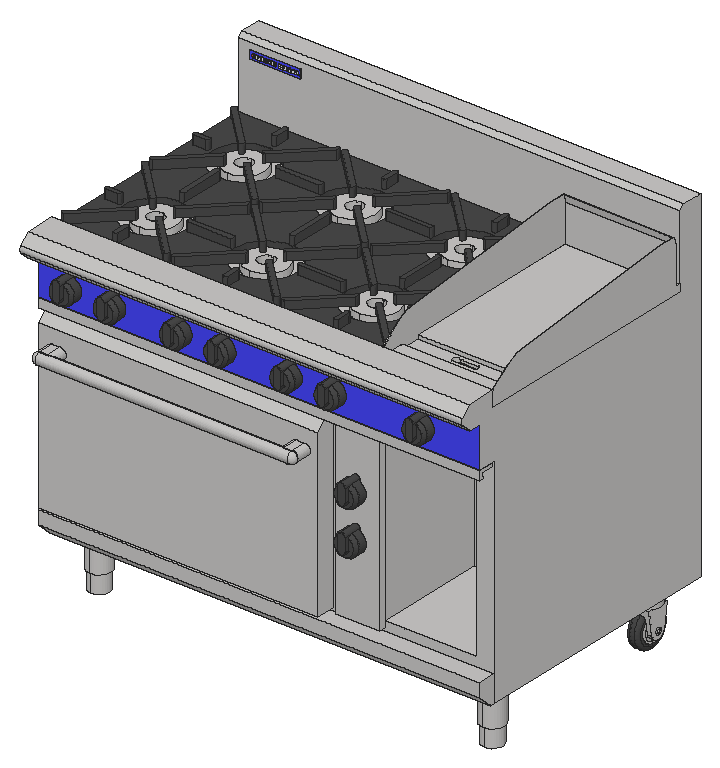
Revit family "QF_MOFFAT_BLUESEAL_CE_GE508C", category Specialty Equipment, Revit 2012
Parameters
  Width = 1200 mm
  Weight in Pounds = 485
  Watts = 6500 W
  Volts = 400 V
  URL Cutsheet = "www.moffat.com"
  URL = "www.moffat.com"
  Type Mark [instance] = ""
  Status [instance] = ""
  Specification by User [instance] = ""
  Specification by Manufacturer = ""
  Show Logo [instance] = yes
  Show Clearance [instance] = yes
  Show Casters [instance] = yes
  Serial Number = ""
  Seismic Rating = ""
  SMACNA No = ""
  Revision Code [instance] = ""
  Phase = 3
  Omniclass Number and Title = ""
  Number of Poles [instance] = 1
  NAFEM Spec ID Number = ""
  Model = "GE508C"
  Min Ckt Ampacity = 0 A
  Mechanical Remarks = ""
  Mechanical Connection Type [instance] = ""
  Max Overcurrent Protection = 0 A
  Masterspec = ""
  Manufacturer = "MOFFAT BLUESEAL"
  Legs [instance] = not(Show Casters)  # no
  Item Number [instance] = ""
  Installed By [instance] = ""
  Identify Quantity as Lot [instance] = yes
  Height = 970 mm
  HP = ""
  Gas Size = 3/4"
  Gas RI Height [instance] = 0 mm
  Gas KW [instance] = 52.2
  Gas Input [instance] = 178189.0 Btu/h
  Gas Connection Height = 0 mm
  Furnished By [instance] = ""
  Foodservice Equipment Identifier [instance] = yes
  FL Amps = 9.4 A
  Electrical Remarks = "9.4A PER PHASE"
  Electric Connection Type = ""
  Elec Conn RI Height = 0 mm
  Elec Conn Connection Height = 0 mm
  Description = "1200MM GAS RANGE WITH ELECTRIC STATIC OVEN"
  Depth = 812 mm
  Cycle = 50 Hz
  Conn Plug = ""
  Conn Conduit = yes
  CSI MasterFormat = ""
  CSI Master Format = ""
  Body Finish = QF_Finishes_Stainless Steel
  Apparent Power = 0 VA
Reference planes
  plane 1 "BACK": y = 0
  plane 2: z = 0
  plane 3 "LEFT": x = 0
  plane 4 "RIGHT": x = 1200
  plane 5 "FRONT": y = -812
  plane 6 "TOP": z = 970
  plane 7 "Center Y": x = 600
  plane 8 "Center X": y = -406
  plane 9: x = 280
  plane 10: y = -574.272
  plane 11: x = 60
  plane 12: y = -304.972
  plane 13: y = -364.972
  plane 14: x = 74
  plane 15: y = -812
  plane 16: x = 1134.5
  plane 17: y = -32
  plane 18: z = 655
  plane 19: x = 65.5
  plane 20: x = 65.8
  plane 21: z = 1085
  plane 22: y = -705
Forms (mm)
  Extrusion 1, solid, material "QF_Finishes_Stainless Steel" <- "Body Finish"
    sketch origin (0, 0, 0) x (0, 1, 0) y (0, 0, 1)
      loop
        line (0, 150) -> (0, 1085) -> (-57.5, 1085) -> (-70, 1072.5) -> (-70, 875) -> (-705, 875) -> (-705, 915) -> (-783.97, 915) -> (-808.49, 890.48)
        arc (-808.49, 890.48) -> (-812.002, 882) -> (-808.49, 873.52) r 11.993
        line (-808.49, 873.52) -> (-784.97, 850) -> (-749, 850) -> (-749, 740) -> (-699, 740) -> (-699, 150) -> (0, 150)
      loop
        line (-749, 222.5) -> (-749, 186) -> (-713, 150) -> (-703.2, 150) -> (-703.2, 222.5) -> (-749, 222.5)
      loop
        line (-749, 713.781) -> (-740.224, 713.781) -> (-742.613, 730.781) -> (-707.93, 730.781) -> (-707.93, 737.784) -> (-749, 737.784) -> (-749, 713.781)
    from 0 to 1200
  Extrusion 2, solid, material "QF_Finishes_Stainless Steel"
    sketch origin (0, 7, 0) x (0, 1, 0) y (0, 0, 1)
      loop
        line (-706, 700) -> (-732, 700) -> (-756, 676) -> (-756, 227.5) -> (-706, 227.5) -> (-706, 700)
    from 0 to 760
  Extrusion 3, solid, material "QF_Finishes_Stainless Steel"
    sketch origin (723.5, 7, 0) x (0, 1, 0) y (0, 0, 1)
      loop
        line (-706, 700) -> (-721, 700) -> (-721, 227.5) -> (-706, 227.5) -> (-706, 700)
    from 56.898 to 176.5
  Revolve 4, solid, material "QF_Finishes_Stainless Steel" <- "Body Finish"
    sketch origin (1134.5, -696.126, 0) x (0, 1, 0) y (0, 0, -1)
      loop
        line (39.376, -150) -> (71.126, -150) -> (71.126, 0) -> (43.626, 0) -> (43.626, -50) -> (39.376, -50) -> (39.376, -150)
      axis (71.126, -150) -> (71.126, 0)
    angle from 0 to 360
  Revolve 5, solid, material "QF_Finishes_Stainless Steel" <- "Body Finish"
    sketch origin (65.5, -696.126, 0) x (0, 1, 0) y (0, 0, 1)
      loop
        line (39.376, 150) -> (39.376, 50) -> (43.626, 50) -> (43.626, 0) -> (71.126, 0) -> (71.126, 150) -> (39.376, 150)
      axis (71.126, 150) -> (71.126, 0)
    angle from 0 to 360
  Extrusion 6, solid, material "QF_Finishes_Stainless Steel"
    sketch origin (-64.5, 0, 325) x (1, 0, 0) y (0, 1, 0)
      loop
        circle (1134.5, -32) r 10
    from 330 to 374.856
  Extrusion 7, void
    sketch origin (0, -699, 150) x (0, 0, -1) y (-1, 0, 0)
      loop
        line (-529.781, -900) -> (-529.781, -1150) -> (-96, -1150) -> (-96, -900) -> (-529.781, -900)
    from 0 to 304.8
  Extrusion 8, solid, material "QF_Finishes_Black"
    sketch origin (0, -70, 875) x (0, -1, 0) y (1, 0, 0)
      loop
        arc (1, 4) -> (1.879, 1.879) -> (4, 1) r 3
        line (4, 1) -> (632, 1)
        arc (632, 1) -> (634.121, 1.879) -> (635, 4) r 3
        line (635, 4) -> (635, 897)
        arc (635, 897) -> (634.121, 899.121) -> (632, 900) r 3
        line (632, 900) -> (4, 900)
        arc (4, 900) -> (1.879, 899.121) -> (1, 897) r 3
        line (1, 897) -> (1, 4)
      loop
        circle (167.5, 150) r 85
      loop
        circle (167.5, 450) r 85
      loop
        circle (467.768, 150) r 85
      loop
        circle (467.768, 450) r 85
      loop
        circle (167.5, 750) r 85
      loop
        circle (467.768, 750) r 85
    from 0 to 19.5
  Extrusion 9, solid, material "QF_Finishes_Black"
    sketch origin (0, -70, 894.5) x (0, -1, 0) y (1, 0, 0)
      loop
        spline (327.102, 15.153) -> (326.181, 13.924) -> (325.631, 12.47) -> (325.49, 10.89) -> (325.767, 9.292) -> (326.443, 7.786) -> (327.473, 6.473) -> (328.786, 5.443) -> (330.292, 4.767) -> (331.89, 4.49) -> (333.47, 4.631) -> (334.924, 5.181) -> (336.153, 6.102)
        line (336.153, 6.102) -> (444.076, 114.025)
        spline (444.076, 114.025) -> (444.837, 115.095) -> (445.238, 116.399) -> (445.251, 117.851) -> (444.875, 119.35) -> (444.137, 120.795) -> (443.086, 122.086) -> (441.795, 123.137) -> (440.35, 123.875) -> (438.851, 124.251) -> (437.399, 124.238) -> (436.095, 123.837) -> (435.025, 123.076)
        line (435.025, 123.076) -> (327.102, 15.153)
      loop
        line (611.398, 15.153) -> (503.475, 123.076)
        spline (503.475, 123.076) -> (502.405, 123.837) -> (501.101, 124.238) -> (499.649, 124.251) -> (498.15, 123.875) -> (496.705, 123.137) -> (495.414, 122.086) -> (494.363, 120.795) -> (493.625, 119.35) -> (493.249, 117.851) -> (493.262, 116.399) -> (493.663, 115.095) -> (494.424, 114.025)
        line (494.424, 114.025) -> (602.347, 6.102)
        spline (602.347, 6.102) -> (603.416, 5.341) -> (604.721, 4.941) -> (606.172, 4.928) -> (607.671, 5.303) -> (609.116, 6.041) -> (610.408, 7.092) -> (611.459, 8.384) -> (612.197, 9.829) -> (612.572, 11.328) -> (612.559, 12.779) -> (612.159, 14.084) -> (611.398, 15.153)
      loop
        spline (379.102, 143.6) -> (380.396, 143.818) -> (381.602, 144.457) -> (382.638, 145.475) -> (383.432, 146.8) -> (383.932, 148.344) -> (384.102, 150) -> (383.932, 151.656) -> (383.432, 153.2) -> (382.638, 154.525) -> (381.602, 155.543) -> (380.396, 156.182) -> (379.102, 156.4)
        line (379.102, 156.4) -> (259.398, 156.4)
        spline (259.398, 156.4) -> (258.104, 156.182) -> (256.898, 155.543) -> (255.862, 154.525) -> (255.068, 153.2) -> (254.568, 151.656) -> (254.398, 150) -> (254.568, 148.344) -> (255.068, 146.8) -> (255.862, 145.475) -> (256.898, 144.457) -> (258.104, 143.818) -> (259.398, 143.6)
        line (259.398, 143.6) -> (379.102, 143.6)
      loop
        spline (23.602, 15.153) -> (22.681, 13.924) -> (22.131, 12.47) -> (21.99, 10.89) -> (22.267, 9.292) -> (22.943, 7.786) -> (23.973, 6.473) -> (25.286, 5.443) -> (26.792, 4.767) -> (28.39, 4.49) -> (29.97, 4.631) -> (31.424, 5.181) -> (32.653, 6.102)
        line (32.653, 6.102) -> (140.576, 114.025)
        spline (140.576, 114.025) -> (141.337, 115.095) -> (141.738, 116.399) -> (141.751, 117.851) -> (141.375, 119.35) -> (140.637, 120.795) -> (139.586, 122.086) -> (138.295, 123.137) -> (136.85, 123.875) -> (135.351, 124.251) -> (133.899, 124.238) -> (132.595, 123.837) -> (131.525, 123.076)
        line (131.525, 123.076) -> (23.602, 15.153)
      loop
        line (311.398, 15.153) -> (203.475, 123.076)
        spline (203.475, 123.076) -> (202.405, 123.837) -> (201.101, 124.238) -> (199.649, 124.251) -> (198.15, 123.875) -> (196.705, 123.137) -> (195.414, 122.086) -> (194.363, 120.795) -> (193.625, 119.35) -> (193.249, 117.851) -> (193.262, 116.399) -> (193.663, 115.095) -> (194.424, 114.025)
        line (194.424, 114.025) -> (302.347, 6.102)
        spline (302.347, 6.102) -> (303.416, 5.341) -> (304.721, 4.941) -> (306.172, 4.928) -> (307.671, 5.303) -> (309.116, 6.041) -> (310.408, 7.092) -> (311.459, 8.384) -> (312.197, 9.829) -> (312.572, 11.328) -> (312.559, 12.779) -> (312.159, 14.084) -> (311.398, 15.153)
      loop
        line (327.102, 284.847) -> (435.025, 176.924)
        spline (435.025, 176.924) -> (436.095, 176.163) -> (437.399, 175.762) -> (438.851, 175.749) -> (440.35, 176.125) -> (441.795, 176.863) -> (443.086, 177.914) -> (444.137, 179.205) -> (444.875, 180.65) -> (445.251, 182.149) -> (445.238, 183.601) -> (444.837, 184.905) -> (444.076, 185.975)
        line (444.076, 185.975) -> (336.153, 293.898)
        spline (336.153, 293.898) -> (334.924, 294.819) -> (333.47, 295.369) -> (331.89, 295.51) -> (330.292, 295.233) -> (328.786, 294.557) -> (327.473, 293.527) -> (326.443, 292.214) -> (325.767, 290.708) -> (325.49, 289.11) -> (325.631, 287.53) -> (326.181, 286.076) -> (327.102, 284.847)
      loop
        spline (611.398, 284.847) -> (612.159, 285.916) -> (612.559, 287.221) -> (612.572, 288.672) -> (612.197, 290.171) -> (611.459, 291.616) -> (610.408, 292.908) -> (609.116, 293.959) -> (607.671, 294.697) -> (606.172, 295.072) -> (604.721, 295.059) -> (603.416, 294.659) -> (602.347, 293.898)
        line (602.347, 293.898) -> (494.424, 185.975)
        spline (494.424, 185.975) -> (493.663, 184.905) -> (493.262, 183.601) -> (493.249, 182.149) -> (493.625, 180.65) -> (494.363, 179.205) -> (495.414, 177.914) -> (496.705, 176.863) -> (498.15, 176.125) -> (499.649, 175.749) -> (501.101, 175.762) -> (502.405, 176.163) -> (503.475, 176.924)
        line (503.475, 176.924) -> (611.398, 284.847)
      loop
        spline (461.1, 241.898) -> (461.318, 240.604) -> (461.957, 239.398) -> (462.975, 238.362) -> (464.3, 237.568) -> (465.844, 237.068) -> (467.5, 236.898) -> (469.156, 237.068) -> (470.7, 237.568) -> (472.025, 238.362) -> (473.043, 239.398) -> (473.682, 240.604) -> (473.9, 241.898)
        line (473.9, 241.898) -> (473.9, 358.102)
        spline (473.9, 358.102) -> (473.682, 359.396) -> (473.043, 360.602) -> (472.025, 361.638) -> (470.7, 362.432) -> (469.156, 362.932) -> (467.5, 363.102) -> (465.844, 362.932) -> (464.3, 362.432) -> (462.975, 361.638) -> (461.957, 360.602) -> (461.318, 359.396) -> (461.1, 358.102)
        line (461.1, 358.102) -> (461.1, 241.898)
      loop
        line (23.602, 284.847) -> (131.525, 176.924)
        spline (131.525, 176.924) -> (132.595, 176.163) -> (133.899, 175.762) -> (135.351, 175.749) -> (136.85, 176.125) -> (138.295, 176.863) -> (139.586, 177.914) -> (140.637, 179.205) -> (141.375, 180.65) -> (141.751, 182.149) -> (141.738, 183.601) -> (141.337, 184.905) -> (140.576, 185.975)
        line (140.576, 185.975) -> (32.653, 293.898)
        spline (32.653, 293.898) -> (31.424, 294.819) -> (29.97, 295.369) -> (28.39, 295.51) -> (26.792, 295.233) -> (25.286, 294.557) -> (23.973, 293.527) -> (22.943, 292.214) -> (22.267, 290.708) -> (21.99, 289.11) -> (22.131, 287.53) -> (22.681, 286.076) -> (23.602, 284.847)
      loop
        spline (311.398, 284.847) -> (312.159, 285.916) -> (312.559, 287.221) -> (312.572, 288.672) -> (312.197, 290.171) -> (311.459, 291.616) -> (310.408, 292.908) -> (309.116, 293.959) -> (307.671, 294.697) -> (306.172, 295.072) -> (304.721, 295.059) -> (303.416, 294.659) -> (302.347, 293.898)
        line (302.347, 293.898) -> (194.424, 185.975)
        spline (194.424, 185.975) -> (193.663, 184.905) -> (193.262, 183.601) -> (193.249, 182.149) -> (193.625, 180.65) -> (194.363, 179.205) -> (195.414, 177.914) -> (196.705, 176.863) -> (198.15, 176.125) -> (199.649, 175.749) -> (201.101, 175.762) -> (202.405, 176.163) -> (203.475, 176.924)
        line (203.475, 176.924) -> (311.398, 284.847)
      loop
        spline (161.1, 241.898) -> (161.318, 240.604) -> (161.957, 239.398) -> (162.975, 238.362) -> (164.3, 237.568) -> (165.844, 237.068) -> (167.5, 236.898) -> (169.156, 237.068) -> (170.7, 237.568) -> (172.025, 238.362) -> (173.043, 239.398) -> (173.682, 240.604) -> (173.9, 241.898)
        line (173.9, 241.898) -> (173.9, 358.102)
        spline (173.9, 358.102) -> (173.682, 359.396) -> (173.043, 360.602) -> (172.025, 361.638) -> (170.7, 362.432) -> (169.156, 362.932) -> (167.5, 363.102) -> (165.844, 362.932) -> (164.3, 362.432) -> (162.975, 361.638) -> (161.957, 360.602) -> (161.318, 359.396) -> (161.1, 358.102)
        line (161.1, 358.102) -> (161.1, 241.898)
      loop
        line (379.102, 456.4) -> (259.398, 456.4)
        spline (259.398, 456.4) -> (258.104, 456.182) -> (256.898, 455.543) -> (255.862, 454.525) -> (255.068, 453.2) -> (254.568, 451.656) -> (254.398, 450) -> (254.568, 448.344) -> (255.068, 446.8) -> (255.862, 445.475) -> (256.898, 444.457) -> (258.104, 443.818) -> (259.398, 443.6)
        line (259.398, 443.6) -> (379.102, 443.6)
        spline (379.102, 443.6) -> (380.396, 443.818) -> (381.602, 444.457) -> (382.638, 445.475) -> (383.432, 446.8) -> (383.932, 448.344) -> (384.102, 450) -> (383.932, 451.656) -> (383.432, 453.2) -> (382.638, 454.525) -> (381.602, 455.543) -> (380.396, 456.182) -> (379.102, 456.4)
      loop
        spline (327.102, 315.153) -> (326.181, 313.924) -> (325.631, 312.47) -> (325.49, 310.89) -> (325.767, 309.292) -> (326.443, 307.786) -> (327.473, 306.473) -> (328.786, 305.443) -> (330.292, 304.767) -> (331.89, 304.49) -> (333.47, 304.631) -> (334.924, 305.181) -> (336.153, 306.102)
        line (336.153, 306.102) -> (444.076, 414.025)
        spline (444.076, 414.025) -> (444.837, 415.095) -> (445.238, 416.399) -> (445.251, 417.851) -> (444.875, 419.35) -> (444.137, 420.795) -> (443.086, 422.086) -> (441.795, 423.137) -> (440.35, 423.875) -> (438.851, 424.251) -> (437.399, 424.238) -> (436.095, 423.837) -> (435.025, 423.076)
        line (435.025, 423.076) -> (327.102, 315.153)
      loop
        line (611.398, 315.153) -> (503.475, 423.076)
        spline (503.475, 423.076) -> (502.405, 423.837) -> (501.101, 424.238) -> (499.649, 424.251) -> (498.15, 423.875) -> (496.705, 423.137) -> (495.414, 422.086) -> (494.363, 420.795) -> (493.625, 419.35) -> (493.249, 417.851) -> (493.262, 416.399) -> (493.663, 415.095) -> (494.424, 414.025)
        line (494.424, 414.025) -> (602.347, 306.102)
        spline (602.347, 306.102) -> (603.416, 305.341) -> (604.721, 304.941) -> (606.172, 304.928) -> (607.671, 305.303) -> (609.116, 306.041) -> (610.408, 307.092) -> (611.459, 308.384) -> (612.197, 309.829) -> (612.572, 311.328) -> (612.559, 312.779) -> (612.159, 314.084) -> (611.398, 315.153)
      loop
        spline (23.602, 315.153) -> (22.681, 313.924) -> (22.131, 312.47) -> (21.99, 310.89) -> (22.267, 309.292) -> (22.943, 307.786) -> (23.973, 306.473) -> (25.286, 305.443) -> (26.792, 304.767) -> (28.39, 304.49) -> (29.97, 304.631) -> (31.424, 305.181) -> (32.653, 306.102)
        line (32.653, 306.102) -> (140.576, 414.025)
        spline (140.576, 414.025) -> (141.337, 415.095) -> (141.738, 416.399) -> (141.751, 417.851) -> (141.375, 419.35) -> (140.637, 420.795) -> (139.586, 422.086) -> (138.295, 423.137) -> (136.85, 423.875) -> (135.351, 424.251) -> (133.899, 424.238) -> (132.595, 423.837) -> (131.525, 423.076)
        line (131.525, 423.076) -> (23.602, 315.153)
      loop
        line (311.398, 315.153) -> (203.475, 423.076)
        spline (203.475, 423.076) -> (202.405, 423.837) -> (201.101, 424.238) -> (199.649, 424.251) -> (198.15, 423.875) -> (196.705, 423.137) -> (195.414, 422.086) -> (194.363, 420.795) -> (193.625, 419.35) -> (193.249, 417.851) -> (193.262, 416.399) -> (193.663, 415.095) -> (194.424, 414.025)
        line (194.424, 414.025) -> (302.347, 306.102)
        spline (302.347, 306.102) -> (303.416, 305.341) -> (304.721, 304.941) -> (306.172, 304.928) -> (307.671, 305.303) -> (309.116, 306.041) -> (310.408, 307.092) -> (311.459, 308.384) -> (312.197, 309.829) -> (312.572, 311.328) -> (312.559, 312.779) -> (312.159, 314.084) -> (311.398, 315.153)
      loop
        line (327.102, 584.847) -> (435.025, 476.924)
        spline (435.025, 476.924) -> (436.095, 476.163) -> (437.399, 475.762) -> (438.851, 475.749) -> (440.35, 476.125) -> (441.795, 476.863) -> (443.086, 477.914) -> (444.137, 479.205) -> (444.875, 480.65) -> (445.251, 482.149) -> (445.238, 483.601) -> (444.837, 484.905) -> (444.076, 485.975)
        line (444.076, 485.975) -> (336.153, 593.898)
        spline (336.153, 593.898) -> (334.924, 594.819) -> (333.47, 595.369) -> (331.89, 595.51) -> (330.292, 595.233) -> (328.786, 594.557) -> (327.473, 593.527) -> (326.443, 592.214) -> (325.767, 590.708) -> (325.49, 589.11) -> (325.631, 587.53) -> (326.181, 586.076) -> (327.102, 584.847)
      loop
        spline (611.398, 584.847) -> (612.159, 585.916) -> (612.559, 587.221) -> (612.572, 588.672) -> (612.197, 590.171) -> (611.459, 591.616) -> (610.408, 592.908) -> (609.116, 593.959) -> (607.671, 594.697) -> (606.172, 595.072) -> (604.721, 595.059) -> (603.416, 594.659) -> (602.347, 593.898)
        line (602.347, 593.898) -> (494.424, 485.975)
        spline (494.424, 485.975) -> (493.663, 484.905) -> (493.262, 483.601) -> (493.249, 482.149) -> (493.625, 480.65) -> (494.363, 479.205) -> (495.414, 477.914) -> (496.705, 476.863) -> (498.15, 476.125) -> (499.649, 475.749) -> (501.101, 475.762) -> (502.405, 476.163) -> (503.475, 476.924)
        line (503.475, 476.924) -> (611.398, 584.847)
      loop
        line (23.602, 584.847) -> (131.525, 476.924)
        spline (131.525, 476.924) -> (132.595, 476.163) -> (133.899, 475.762) -> (135.351, 475.749) -> (136.85, 476.125) -> (138.295, 476.863) -> (139.586, 477.914) -> (140.637, 479.205) -> (141.375, 480.65) -> (141.751, 482.149) -> (141.738, 483.601) -> (141.337, 484.905) -> (140.576, 485.975)
        line (140.576, 485.975) -> (32.653, 593.898)
        spline (32.653, 593.898) -> (31.424, 594.819) -> (29.97, 595.369) -> (28.39, 595.51) -> (26.792, 595.233) -> (25.286, 594.557) -> (23.973, 593.527) -> (22.943, 592.214) -> (22.267, 590.708) -> (21.99, 589.11) -> (22.131, 587.53) -> (22.681, 586.076) -> (23.602, 584.847)
      loop
        spline (311.398, 584.847) -> (312.159, 585.916) -> (312.559, 587.221) -> (312.572, 588.672) -> (312.197, 590.171) -> (311.459, 591.616) -> (310.408, 592.908) -> (309.116, 593.959) -> (307.671, 594.697) -> (306.172, 595.072) -> (304.721, 595.059) -> (303.416, 594.659) -> (302.347, 593.898)
        line (302.347, 593.898) -> (194.424, 485.975)
        spline (194.424, 485.975) -> (193.663, 484.905) -> (193.262, 483.601) -> (193.249, 482.149) -> (193.625, 480.65) -> (194.363, 479.205) -> (195.414, 477.914) -> (196.705, 476.863) -> (198.15, 476.125) -> (199.649, 475.749) -> (201.101, 475.762) -> (202.405, 476.163) -> (203.475, 476.924)
        line (203.475, 476.924) -> (311.398, 584.847)
      loop
        spline (461.1, 541.898) -> (461.318, 540.604) -> (461.957, 539.398) -> (462.975, 538.362) -> (464.3, 537.568) -> (465.844, 537.068) -> (467.5, 536.898) -> (469.156, 537.068) -> (470.7, 537.568) -> (472.025, 538.362) -> (473.043, 539.398) -> (473.682, 540.604) -> (473.9, 541.898)
        line (473.9, 541.898) -> (473.9, 658.102)
        spline (473.9, 658.102) -> (473.682, 659.396) -> (473.043, 660.602) -> (472.025, 661.638) -> (470.7, 662.432) -> (469.156, 662.932) -> (467.5, 663.102) -> (465.844, 662.932) -> (464.3, 662.432) -> (462.975, 661.638) -> (461.957, 660.602) -> (461.318, 659.396) -> (461.1, 658.102)
        line (461.1, 658.102) -> (461.1, 541.898)
      loop
        spline (161.1, 541.898) -> (161.318, 540.604) -> (161.957, 539.398) -> (162.975, 538.362) -> (164.3, 537.568) -> (165.844, 537.068) -> (167.5, 536.898) -> (169.156, 537.068) -> (170.7, 537.568) -> (172.025, 538.362) -> (173.043, 539.398) -> (173.682, 540.604) -> (173.9, 541.898)
        line (173.9, 541.898) -> (173.9, 658.102)
        spline (173.9, 658.102) -> (173.682, 659.396) -> (173.043, 660.602) -> (172.025, 661.638) -> (170.7, 662.432) -> (169.156, 662.932) -> (167.5, 663.102) -> (165.844, 662.932) -> (164.3, 662.432) -> (162.975, 661.638) -> (161.957, 660.602) -> (161.318, 659.396) -> (161.1, 658.102)
        line (161.1, 658.102) -> (161.1, 541.898)
      loop
        line (379.102, 756.4) -> (259.398, 756.4)
        spline (259.398, 756.4) -> (258.104, 756.182) -> (256.898, 755.543) -> (255.862, 754.525) -> (255.068, 753.2) -> (254.568, 751.656) -> (254.398, 750) -> (254.568, 748.344) -> (255.068, 746.8) -> (255.862, 745.475) -> (256.898, 744.457) -> (258.104, 743.818) -> (259.398, 743.6)
        line (259.398, 743.6) -> (379.102, 743.6)
        spline (379.102, 743.6) -> (380.396, 743.818) -> (381.602, 744.457) -> (382.638, 745.475) -> (383.432, 746.8) -> (383.932, 748.344) -> (384.102, 750) -> (383.932, 751.656) -> (383.432, 753.2) -> (382.638, 754.525) -> (381.602, 755.543) -> (380.396, 756.182) -> (379.102, 756.4)
      loop
        spline (327.102, 615.153) -> (326.181, 613.924) -> (325.631, 612.47) -> (325.49, 610.89) -> (325.767, 609.292) -> (326.443, 607.786) -> (327.473, 606.473) -> (328.786, 605.443) -> (330.292, 604.767) -> (331.89, 604.49) -> (333.47, 604.631) -> (334.924, 605.181) -> (336.153, 606.102)
        line (336.153, 606.102) -> (444.076, 714.025)
        spline (444.076, 714.025) -> (444.837, 715.095) -> (445.238, 716.399) -> (445.251, 717.851) -> (444.875, 719.35) -> (444.137, 720.795) -> (443.086, 722.086) -> (441.795, 723.137) -> (440.35, 723.875) -> (438.851, 724.251) -> (437.399, 724.238) -> (436.095, 723.837) -> (435.025, 723.076)
        line (435.025, 723.076) -> (327.102, 615.153)
      loop
        line (611.398, 615.153) -> (503.475, 723.076)
        spline (503.475, 723.076) -> (502.405, 723.837) -> (501.101, 724.238) -> (499.649, 724.251) -> (498.15, 723.875) -> (496.705, 723.137) -> (495.414, 722.086) -> (494.363, 720.795) -> (493.625, 719.35) -> (493.249, 717.851) -> (493.262, 716.399) -> (493.663, 715.095) -> (494.424, 714.025)
        line (494.424, 714.025) -> (602.347, 606.102)
        spline (602.347, 606.102) -> (603.416, 605.341) -> (604.721, 604.941) -> (606.172, 604.928) -> (607.671, 605.303) -> (609.116, 606.041) -> (610.408, 607.092) -> (611.459, 608.384) -> (612.197, 609.829) -> (612.572, 611.328) -> (612.559, 612.779) -> (612.159, 614.084) -> (611.398, 615.153)
      loop
        spline (23.602, 615.153) -> (22.681, 613.924) -> (22.131, 612.47) -> (21.99, 610.89) -> (22.267, 609.292) -> (22.943, 607.786) -> (23.973, 606.473) -> (25.286, 605.443) -> (26.792, 604.767) -> (28.39, 604.49) -> (29.97, 604.631) -> (31.424, 605.181) -> (32.653, 606.102)
        line (32.653, 606.102) -> (140.576, 714.025)
        spline (140.576, 714.025) -> (141.337, 715.095) -> (141.738, 716.399) -> (141.751, 717.851) -> (141.375, 719.35) -> (140.637, 720.795) -> (139.586, 722.086) -> (138.295, 723.137) -> (136.85, 723.875) -> (135.351, 724.251) -> (133.899, 724.238) -> (132.595, 723.837) -> (131.525, 723.076)
        line (131.525, 723.076) -> (23.602, 615.153)
      loop
        line (311.398, 615.153) -> (203.475, 723.076)
        spline (203.475, 723.076) -> (202.405, 723.837) -> (201.101, 724.238) -> (199.649, 724.251) -> (198.15, 723.875) -> (196.705, 723.137) -> (195.414, 722.086) -> (194.363, 720.795) -> (193.625, 719.35) -> (193.249, 717.851) -> (193.262, 716.399) -> (193.663, 715.095) -> (194.424, 714.025)
        line (194.424, 714.025) -> (302.347, 606.102)
        spline (302.347, 606.102) -> (303.416, 605.341) -> (304.721, 604.941) -> (306.172, 604.928) -> (307.671, 605.303) -> (309.116, 606.041) -> (310.408, 607.092) -> (311.459, 608.384) -> (312.197, 609.829) -> (312.572, 611.328) -> (312.559, 612.779) -> (312.159, 614.084) -> (311.398, 615.153)
      loop
        line (327.102, 884.847) -> (435.025, 776.924)
        spline (435.025, 776.924) -> (436.095, 776.163) -> (437.399, 775.762) -> (438.851, 775.749) -> (440.35, 776.125) -> (441.795, 776.863) -> (443.086, 777.914) -> (444.137, 779.205) -> (444.875, 780.65) -> (445.251, 782.149) -> (445.238, 783.601) -> (444.837, 784.905) -> (444.076, 785.975)
        line (444.076, 785.975) -> (336.153, 893.898)
        spline (336.153, 893.898) -> (334.924, 894.819) -> (333.47, 895.369) -> (331.89, 895.51) -> (330.292, 895.233) -> (328.786, 894.557) -> (327.473, 893.527) -> (326.443, 892.214) -> (325.767, 890.708) -> (325.49, 889.11) -> (325.631, 887.53) -> (326.181, 886.076) -> (327.102, 884.847)
      loop
        spline (611.398, 884.847) -> (612.159, 885.916) -> (612.559, 887.221) -> (612.572, 888.672) -> (612.197, 890.171) -> (611.459, 891.616) -> (610.408, 892.908) -> (609.116, 893.959) -> (607.671, 894.697) -> (606.172, 895.072) -> (604.721, 895.059) -> (603.416, 894.659) -> (602.347, 893.898)
        line (602.347, 893.898) -> (494.424, 785.975)
        spline (494.424, 785.975) -> (493.663, 784.905) -> (493.262, 783.601) -> (493.249, 782.149) -> (493.625, 780.65) -> (494.363, 779.205) -> (495.414, 777.914) -> (496.705, 776.863) -> (498.15, 776.125) -> (499.649, 775.749) -> (501.101, 775.762) -> (502.405, 776.163) -> (503.475, 776.924)
        line (503.475, 776.924) -> (611.398, 884.847)
      loop
        line (23.602, 884.847) -> (131.525, 776.924)
        spline (131.525, 776.924) -> (132.595, 776.163) -> (133.899, 775.762) -> (135.351, 775.749) -> (136.85, 776.125) -> (138.295, 776.863) -> (139.586, 777.914) -> (140.637, 779.205) -> (141.375, 780.65) -> (141.751, 782.149) -> (141.738, 783.601) -> (141.337, 784.905) -> (140.576, 785.975)
        line (140.576, 785.975) -> (32.653, 893.898)
        spline (32.653, 893.898) -> (31.424, 894.819) -> (29.97, 895.369) -> (28.39, 895.51) -> (26.792, 895.233) -> (25.286, 894.557) -> (23.973, 893.527) -> (22.943, 892.214) -> (22.267, 890.708) -> (21.99, 889.11) -> (22.131, 887.53) -> (22.681, 886.076) -> (23.602, 884.847)
      loop
        spline (311.398, 884.847) -> (312.159, 885.916) -> (312.559, 887.221) -> (312.572, 888.672) -> (312.197, 890.171) -> (311.459, 891.616) -> (310.408, 892.908) -> (309.116, 893.959) -> (307.671, 894.697) -> (306.172, 895.072) -> (304.721, 895.059) -> (303.416, 894.659) -> (302.347, 893.898)
        line (302.347, 893.898) -> (194.424, 785.975)
        spline (194.424, 785.975) -> (193.663, 784.905) -> (193.262, 783.601) -> (193.249, 782.149) -> (193.625, 780.65) -> (194.363, 779.205) -> (195.414, 777.914) -> (196.705, 776.863) -> (198.15, 776.125) -> (199.649, 775.749) -> (201.101, 775.762) -> (202.405, 776.163) -> (203.475, 776.924)
        line (203.475, 776.924) -> (311.398, 884.847)
      loop
        spline (473.9, 891.872) -> (473.682, 893.166) -> (473.043, 894.372) -> (472.025, 895.407) -> (470.7, 896.202) -> (469.156, 896.701) -> (467.5, 896.872) -> (465.844, 896.701) -> (464.3, 896.202) -> (462.975, 895.407) -> (461.957, 894.372) -> (461.318, 893.166) -> (461.1, 891.872)
        line (461.1, 891.872) -> (461.1, 841.898)
        spline (461.1, 841.898) -> (461.318, 840.604) -> (461.957, 839.398) -> (462.975, 838.362) -> (464.3, 837.568) -> (465.844, 837.068) -> (467.5, 836.898) -> (469.156, 837.068) -> (470.7, 837.568) -> (472.025, 838.362) -> (473.043, 839.398) -> (473.682, 840.604) -> (473.9, 841.898)
        line (473.9, 841.898) -> (473.9, 891.872)
      loop
        spline (173.9, 891.872) -> (173.682, 893.166) -> (173.043, 894.372) -> (172.025, 895.407) -> (170.7, 896.202) -> (169.156, 896.701) -> (167.5, 896.872) -> (165.844, 896.701) -> (164.3, 896.202) -> (162.975, 895.407) -> (161.957, 894.372) -> (161.318, 893.166) -> (161.1, 891.872)
        line (161.1, 891.872) -> (161.1, 841.898)
        spline (161.1, 841.898) -> (161.318, 840.604) -> (161.957, 839.398) -> (162.975, 838.362) -> (164.3, 837.568) -> (165.844, 837.068) -> (167.5, 836.898) -> (169.156, 837.068) -> (170.7, 837.568) -> (172.025, 838.362) -> (173.043, 839.398) -> (173.682, 840.604) -> (173.9, 841.898)
        line (173.9, 841.898) -> (173.9, 891.872)
      loop
        spline (65.602, 143.6) -> (66.896, 143.818) -> (68.102, 144.457) -> (69.138, 145.475) -> (69.932, 146.8) -> (70.432, 148.344) -> (70.602, 150) -> (70.432, 151.656) -> (69.932, 153.2) -> (69.138, 154.525) -> (68.102, 155.543) -> (66.896, 156.182) -> (65.602, 156.4)
        line (65.602, 156.4) -> (29.398, 156.4)
        spline (29.398, 156.4) -> (28.104, 156.182) -> (26.898, 155.543) -> (25.862, 154.525) -> (25.068, 153.2) -> (24.568, 151.656) -> (24.398, 150) -> (24.568, 148.344) -> (25.068, 146.8) -> (25.862, 145.475) -> (26.898, 144.457) -> (28.104, 143.818) -> (29.398, 143.6)
        line (29.398, 143.6) -> (65.602, 143.6)
      loop
        spline (65.602, 443.6) -> (66.896, 443.818) -> (68.102, 444.457) -> (69.138, 445.475) -> (69.932, 446.8) -> (70.432, 448.344) -> (70.602, 450) -> (70.432, 451.656) -> (69.932, 453.2) -> (69.138, 454.525) -> (68.102, 455.543) -> (66.896, 456.182) -> (65.602, 456.4)
        line (65.602, 456.4) -> (29.398, 456.4)
        spline (29.398, 456.4) -> (28.104, 456.182) -> (26.898, 455.543) -> (25.862, 454.525) -> (25.068, 453.2) -> (24.568, 451.656) -> (24.398, 450) -> (24.568, 448.344) -> (25.068, 446.8) -> (25.862, 445.475) -> (26.898, 444.457) -> (28.104, 443.818) -> (29.398, 443.6)
        line (29.398, 443.6) -> (65.602, 443.6)
      loop
        spline (65.602, 743.6) -> (66.896, 743.818) -> (68.102, 744.457) -> (69.138, 745.475) -> (69.932, 746.8) -> (70.432, 748.344) -> (70.602, 750) -> (70.432, 751.656) -> (69.932, 753.2) -> (69.138, 754.525) -> (68.102, 755.543) -> (66.896, 756.182) -> (65.602, 756.4)
        line (65.602, 756.4) -> (29.398, 756.4)
        spline (29.398, 756.4) -> (28.104, 756.182) -> (26.898, 755.543) -> (25.862, 754.525) -> (25.068, 753.2) -> (24.568, 751.656) -> (24.398, 750) -> (24.568, 748.344) -> (25.068, 746.8) -> (25.862, 745.475) -> (26.898, 744.457) -> (28.104, 743.818) -> (29.398, 743.6)
        line (29.398, 743.6) -> (65.602, 743.6)
      loop
        spline (605.602, 143.6) -> (606.896, 143.818) -> (608.102, 144.457) -> (609.138, 145.475) -> (609.932, 146.8) -> (610.432, 148.344) -> (610.602, 150) -> (610.432, 151.656) -> (609.932, 153.2) -> (609.138, 154.525) -> (608.102, 155.543) -> (606.896, 156.182) -> (605.602, 156.4)
        line (605.602, 156.4) -> (569.398, 156.4)
        spline (569.398, 156.4) -> (568.104, 156.182) -> (566.898, 155.543) -> (565.862, 154.525) -> (565.068, 153.2) -> (564.568, 151.656) -> (564.398, 150) -> (564.568, 148.344) -> (565.068, 146.8) -> (565.862, 145.475) -> (566.898, 144.457) -> (568.104, 143.818) -> (569.398, 143.6)
        line (569.398, 143.6) -> (605.602, 143.6)
      loop
        spline (605.602, 443.6) -> (606.896, 443.818) -> (608.102, 444.457) -> (609.138, 445.475) -> (609.932, 446.8) -> (610.432, 448.344) -> (610.602, 450) -> (610.432, 451.656) -> (609.932, 453.2) -> (609.138, 454.525) -> (608.102, 455.543) -> (606.896, 456.182) -> (605.602, 456.4)
        line (605.602, 456.4) -> (569.398, 456.4)
        spline (569.398, 456.4) -> (568.104, 456.182) -> (566.898, 455.543) -> (565.862, 454.525) -> (565.068, 453.2) -> (564.568, 451.656) -> (564.398, 450) -> (564.568, 448.344) -> (565.068, 446.8) -> (565.862, 445.475) -> (566.898, 444.457) -> (568.104, 443.818) -> (569.398, 443.6)
        line (569.398, 443.6) -> (605.602, 443.6)
      loop
        spline (605.602, 743.6) -> (606.896, 743.818) -> (608.102, 744.457) -> (609.138, 745.475) -> (609.932, 746.8) -> (610.432, 748.344) -> (610.602, 750) -> (610.432, 751.656) -> (609.932, 753.2) -> (609.138, 754.525) -> (608.102, 755.543) -> (606.896, 756.182) -> (605.602, 756.4)
        line (605.602, 756.4) -> (569.398, 756.4)
        spline (569.398, 756.4) -> (568.104, 756.182) -> (566.898, 755.543) -> (565.862, 754.525) -> (565.068, 753.2) -> (564.568, 751.656) -> (564.398, 750) -> (564.568, 748.344) -> (565.068, 746.8) -> (565.862, 745.475) -> (566.898, 744.457) -> (568.104, 743.818) -> (569.398, 743.6)
        line (569.398, 743.6) -> (605.602, 743.6)
      loop
        line (460.626, 50.584) -> (460.626, 16.591)
        spline (460.626, 16.591) -> (460.844, 15.297) -> (461.483, 14.091) -> (462.501, 13.055) -> (463.826, 12.261) -> (465.37, 11.761) -> (467.026, 11.591) -> (468.682, 11.761) -> (470.226, 12.261) -> (471.551, 13.055) -> (472.569, 14.091) -> (473.208, 15.297) -> (473.426, 16.591)
        line (473.426, 16.591) -> (473.426, 50.584)
        spline (473.426, 50.584) -> (473.208, 51.878) -> (472.569, 53.084) -> (471.551, 54.119) -> (470.226, 54.914) -> (468.682, 55.413) -> (467.026, 55.584) -> (465.37, 55.413) -> (463.826, 54.914) -> (462.501, 54.119) -> (461.483, 53.084) -> (460.844, 51.878) -> (460.626, 50.584)
      loop
        line (160.11, 50.584) -> (160.11, 16.591)
        spline (160.11, 16.591) -> (160.328, 15.297) -> (160.967, 14.091) -> (161.984, 13.055) -> (163.31, 12.261) -> (164.853, 11.761) -> (166.51, 11.591) -> (168.166, 11.761) -> (169.71, 12.261) -> (171.035, 13.055) -> (172.052, 14.091) -> (172.692, 15.297) -> (172.91, 16.591)
        line (172.91, 16.591) -> (172.91, 50.584)
        spline (172.91, 50.584) -> (172.692, 51.878) -> (172.052, 53.084) -> (171.035, 54.119) -> (169.71, 54.914) -> (168.166, 55.413) -> (166.51, 55.584) -> (164.853, 55.413) -> (163.31, 54.914) -> (161.984, 54.119) -> (160.967, 53.084) -> (160.328, 51.878) -> (160.11, 50.584)
    from 0 to 23.5
  Revolve 10, solid, material "QF_Finishes_Black"
    sketch origin (810.601, 45.874, -0.118) x (0, 1, 0) y (0, 0, 1)
      loop
        line (-827.874, 829.5) -> (-838.874, 823.651) -> (-838.874, 797) -> (-794.874, 797) -> (-794.874, 802) -> (-804.874, 802) -> (-804.874, 829.5) -> (-827.874, 829.5)
      axis (-838.874, 797) -> (-794.874, 797)
    angle from 0 to 360
  Revolve 11, solid, material "QF_Finishes_Black"
    sketch origin (690.601, 45.874, -0.118) x (0, 1, 0) y (0, 0, 1)
      loop
        line (-827.874, 829.5) -> (-838.874, 823.651) -> (-838.874, 797) -> (-794.874, 797) -> (-794.874, 802) -> (-804.874, 802) -> (-804.874, 829.5) -> (-827.874, 829.5)
      axis (-838.874, 797) -> (-794.874, 797)
    angle from 0 to 360
  Revolve 12, solid, material "QF_Finishes_Black"
    sketch origin (90.649, 45.874, -0.118) x (0, 1, 0) y (0, 0, -1)
      loop
        line (-827.874, -829.5) -> (-804.874, -829.5) -> (-804.874, -802) -> (-794.874, -802) -> (-794.874, -797) -> (-838.874, -797) -> (-838.874, -823.651) -> (-827.874, -829.5)
      axis (-838.874, -797) -> (-794.874, -797)
    angle from 0 to 360
  Revolve 13, solid, material "QF_Finishes_Black"
    sketch origin (210.649, 45.874, -0.118) x (0, 1, 0) y (0, 0, -1)
      loop
        line (-827.874, -829.5) -> (-804.874, -829.5) -> (-804.874, -802) -> (-794.874, -802) -> (-794.874, -797) -> (-838.874, -797) -> (-838.874, -823.651) -> (-827.874, -829.5)
      axis (-838.874, -797) -> (-794.874, -797)
    angle from 0 to 360
  Revolve 14, solid, material "QF_Finishes_Black"
    sketch origin (390.625, 45.874, -0.118) x (0, 1, 0) y (0, 0, -1)
      loop
        line (-827.874, -829.5) -> (-804.874, -829.5) -> (-804.874, -802) -> (-794.874, -802) -> (-794.874, -797) -> (-838.874, -797) -> (-838.874, -823.651) -> (-827.874, -829.5)
      axis (-838.874, -797) -> (-794.874, -797)
    angle from 0 to 360
  Revolve 15, solid, material "QF_Finishes_Black"
    sketch origin (510.625, 45.874, -0.118) x (0, 1, 0) y (0, 0, -1)
      loop
        line (-827.874, -829.5) -> (-804.874, -829.5) -> (-804.874, -802) -> (-794.874, -802) -> (-794.874, -797) -> (-838.874, -797) -> (-838.874, -823.651) -> (-827.874, -829.5)
      axis (-838.874, -797) -> (-794.874, -797)
    angle from 0 to 360
  Revolve 16, solid, material "QF_Finishes_Black"
    sketch origin (1050, 45.874, -0.118) x (0, 1, 0) y (0, 0, 1)
      loop
        line (-827.874, 829.5) -> (-838.874, 823.651) -> (-838.874, 797) -> (-794.874, 797) -> (-794.874, 802) -> (-804.874, 802) -> (-804.874, 829.5) -> (-827.874, 829.5)
      axis (-838.874, 797) -> (-794.874, 797)
    angle from 0 to 360
  Extrusion 17, solid, material "QF_Finishes_Black"
    sketch origin (238.456, 7, -0.118) x (-1, 0, 0) y (0, 0, -1)
      loop
        arc (158.3, -789) -> (148.3, -779) -> (138.3, -789) r 10
        line (138.3, -789) -> (138.3, -824)
        arc (138.3, -824) -> (148.3, -834) -> (158.3, -824) r 10
        line (158.3, -824) -> (158.3, -789)
    from 759 to 808
  Extrusion 18, solid, material "QF_Finishes_Black"
    sketch origin (358.456, 7, -0.118) x (-1, 0, 0) y (0, 0, -1)
      loop
        arc (158.3, -789) -> (148.3, -779) -> (138.3, -789) r 10
        line (138.3, -789) -> (138.3, -824)
        arc (138.3, -824) -> (148.3, -834) -> (158.3, -824) r 10
        line (158.3, -824) -> (158.3, -789)
    from 759 to 808
  Extrusion 19, solid, material "QF_Finishes_Black"
    sketch origin (538.432, 7, -0.118) x (-1, 0, 0) y (0, 0, -1)
      loop
        arc (158.3, -789) -> (148.3, -779) -> (138.3, -789) r 10
        line (138.3, -789) -> (138.3, -824)
        arc (138.3, -824) -> (148.3, -834) -> (158.3, -824) r 10
        line (158.3, -824) -> (158.3, -789)
    from 759 to 808
  Extrusion 20, solid, material "QF_Finishes_Black"
    sketch origin (658.432, 7, -0.118) x (-1, 0, 0) y (0, 0, -1)
      loop
        arc (158.3, -789) -> (148.3, -779) -> (138.3, -789) r 10
        line (138.3, -789) -> (138.3, -824)
        arc (138.3, -824) -> (148.3, -834) -> (158.3, -824) r 10
        line (158.3, -824) -> (158.3, -789)
    from 759 to 808
  Extrusion 21, solid, material "QF_Finishes_Black"
    sketch origin (838.408, 7, -0.118) x (-1, 0, 0) y (0, 0, -1)
      loop
        arc (158.3, -789) -> (148.3, -779) -> (138.3, -789) r 10
        line (138.3, -789) -> (138.3, -824)
        arc (138.3, -824) -> (148.3, -834) -> (158.3, -824) r 10
        line (158.3, -824) -> (158.3, -789)
    from 759 to 808
  Extrusion 22, solid, material "QF_Finishes_Black"
    sketch origin (958.408, 7, -0.118) x (-1, 0, 0) y (0, 0, -1)
      loop
        arc (158.3, -789) -> (148.3, -779) -> (138.3, -789) r 10
        line (138.3, -789) -> (138.3, -824)
        arc (138.3, -824) -> (148.3, -834) -> (158.3, -824) r 10
        line (158.3, -824) -> (158.3, -789)
    from 759 to 808
  Extrusion 23, solid, material "QF_Finishes_Black"
    sketch origin (1197.807, 7, -0.118) x (-1, 0, 0) y (0, 0, -1)
      loop
        arc (158.3, -789) -> (148.3, -779) -> (138.3, -789) r 10
        line (138.3, -789) -> (138.3, -824)
        arc (138.3, -824) -> (148.3, -834) -> (158.3, -824) r 10
        line (158.3, -824) -> (158.3, -789)
    from 759 to 808
  Revolve 24, solid, material "QF_Finishes_Black"
    sketch origin (836.851, 80.874, -246.368) x (0, 1, 0) y (0, 0, 1)
      loop
        line (-827.874, 829.5) -> (-838.874, 823.651) -> (-838.874, 797) -> (-794.874, 797) -> (-794.874, 802) -> (-804.874, 802) -> (-804.874, 829.5) -> (-827.874, 829.5)
      axis (-838.874, 797) -> (-794.874, 797)
    angle from 0 to 360
  Extrusion 25, solid, material "QF_Finishes_Black"
    sketch origin (389.044, 42, -246.368) x (1, 0, 0) y (0, 0, 1)
      loop
        line (458.3, 789) -> (458.3, 824)
        arc (458.3, 824) -> (448.3, 834) -> (438.3, 824) r 10
        line (438.3, 824) -> (438.3, 789)
        arc (438.3, 789) -> (448.3, 779) -> (458.3, 789) r 10
    from 759 to 808
  Extrusion 26, solid, material "QF_Door-Drawer Clearances", visible <- "Show Clearance", detail levels coarse
    sketch origin (760, 7, 0) x (0, 1, 0) y (0, 0, 1)
      loop
        arc (-756, 697.347) -> (-1088.232, 559.732) -> (-1225.847, 227.5) r 469.847
        line (-1225.847, 227.5) -> (-756, 227.5) -> (-756, 697.347)
    from 0 to -760
  Extrusion 27, void
    sketch origin (0, 0, 150) x (-1, 0, 0) y (0, -1, 0)
      loop
        line (-1133.988, 87.26) -> (-1133.988, -30.24) -> (-1004.488, -30.24) -> (-1004.488, 38.76) -> (-1052.988, 87.26) -> (-1133.988, 87.26)
    from 72.5 to 549.856
  Extrusion 28, solid, material "QF_Finishes_Stainless Steel"
    sketch origin (0, -749, 227.5) x (0, 0, 1) y (-1, 0, 0)
      loop
        line (380.625, -38.246) -> (380.625, -58.528)
        arc (380.625, -58.528) -> (395.625, -73.528) -> (410.625, -58.528) r 15
        line (410.625, -58.528) -> (410.625, -38.246)
        arc (410.625, -38.246) -> (395.625, -23.246) -> (380.625, -38.246) r 15
      loop
        arc (380.625, -723.039) -> (395.625, -738.039) -> (410.625, -723.039) r 15
        line (410.625, -723.039) -> (410.625, -702.757)
        arc (410.625, -702.757) -> (395.625, -687.757) -> (380.625, -702.757) r 15
        line (380.625, -702.757) -> (380.625, -723.039)
    from 0 to 44
  Revolve 29, solid, material "QF_Finishes_Stainless Steel"
    sketch origin (0, -793, 0) x (1, 0, 0) y (0, 0, 1)
      loop
        arc (738.039, 623.125) -> (733.646, 633.732) -> (723.039, 638.125) r 15
        line (723.039, 638.125) -> (38.246, 638.125)
        arc (38.246, 638.125) -> (27.64, 633.732) -> (23.246, 623.125) r 15
        line (23.246, 623.125) -> (738.039, 623.125)
      axis (738.039, 623.125) -> (23.246, 623.125)
    angle from 0 to 360
  Extrusion 30, solid, material "QF_Finishes_Stainless Steel"
    sketch origin (0, -70, 875) x (0, -1, 0) y (1, 0, 0)
      loop
        circle (167.5, 450) r 57
      loop
        circle (467.5, 450) r 57
      loop
        circle (467.5, 150) r 57
      loop
        circle (167.5, 150) r 57
      loop
        circle (467.5, 750) r 57
      loop
        circle (167.5, 750) r 57
      loop
        circle (467.5, 150) r 22
      loop
        circle (467.5, 450) r 22
      loop
        circle (467.5, 750) r 22
      loop
        circle (167.5, 750) r 22
      loop
        circle (167.5, 450) r 22
      loop
        circle (167.5, 150) r 22
    from 0 to 19.5
  Extrusion 31, solid, material "QF_Finishes_Stainless Steel"
    sketch origin (0, 0, 0) x (1, 0, 0) y (0, 1, 0)
      loop
        circle (826, -501) r 6.35
    from 148.072 to 150
  Extrusion 32, solid, material "QF_Finishes_Stainless Steel", visible <- "Show Casters"
    sketch origin (71.501, 133.353, -8.783) x (0, 1, 0) y (0, 0, 1)
      loop
        line (-201.603, 118.783) -> (-265.103, 118.783) -> (-252.746, 53.895)
        arc (-252.746, 53.895) -> (-233.353, 38.783) -> (-213.959, 53.895) r 20
        line (-213.959, 53.895) -> (-201.603, 118.783)
    from -35.667 to 22.923
  Revolve 33, solid, material "QF_Finishes_Stainless Steel", visible <- "Show Casters"
    sketch origin (65, -203, 0) x (0, 1, 0) y (0, 0, 1)
      loop
        line (67.25, 150) -> (67.25, 110) -> (103, 110) -> (103, 150) -> (67.25, 150)
      axis (103, 150) -> (103, 110)
    angle from 0 to 360
  Revolve 34, solid, material "QF_Finishes_Stainless Steel", visible <- "Show Casters"
    sketch origin (1134.5, -203, 0) x (0, 1, 0) y (0, 0, -1)
      loop
        line (67.25, -150) -> (103, -150) -> (103, -110) -> (67.25, -110) -> (67.25, -150)
      axis (103, -150) -> (103, -110)
    angle from 0 to 360
  Revolve 35, solid, material "QF_Finishes_Stainless Steel", visible <- "Show Casters"
    sketch origin (1085.276, -99.755, -13.653) x (1, 0, 0) y (0, 0, 1)
      loop
        line (14.841, 64.453) -> (83.584, 64.453) -> (83.584, 67.958) -> (82.314, 69.228) -> (80.79, 69.228) -> (80.79, 72.674) -> (68.644, 72.674) -> (68.644, 82.639) -> (65.088, 84.692) -> (63.738, 93.028) -> (65.881, 93.028) -> (65.881, 99.378) -> (65.088, 99.378) -> (65.088, 105.728)
        arc (65.088, 105.728) -> (62.298, 112.463) -> (55.563, 115.253) r 9.525
        line (55.563, 115.253) -> (42.863, 115.253)
        arc (42.863, 115.253) -> (36.127, 112.463) -> (33.338, 105.728) r 9.525
        line (33.338, 105.728) -> (33.338, 99.378) -> (32.544, 99.378) -> (32.544, 93.028) -> (34.687, 93.028) -> (33.352, 84.781) -> (29.782, 82.719) -> (29.782, 72.674) -> (17.635, 72.674) -> (17.635, 69.228) -> (16.111, 69.228) -> (14.841, 67.958) -> (14.841, 64.453)
      axis (14.841, 64.453) -> (83.584, 64.453)
    angle from 0 to 360
  Extrusion 36, solid, material "QF_Finishes_Stainless Steel", visible <- "Show Casters"
    sketch origin (1141.001, 133.353, -8.783) x (0, 1, 0) y (0, 0, 1)
      loop
        line (-201.603, 118.783) -> (-265.103, 118.783) -> (-252.746, 53.895)
        arc (-252.746, 53.895) -> (-233.353, 38.783) -> (-213.959, 53.895) r 20
        line (-213.959, 53.895) -> (-201.603, 118.783)
    from -35.667 to 22.923
  Revolve 37, solid, material "QF_Finishes_Stainless Steel", visible <- "Legs"
    sketch origin (65, -165, 0) x (0, 1, 0) y (0, 0, 1)
      loop
        line (33.25, 150) -> (33.25, 50) -> (37.5, 50) -> (37.5, 0) -> (65, 0) -> (65, 150) -> (33.25, 150)
      axis (65, 150) -> (65, 0)
    angle from 0 to 360
  Revolve 38, solid, material "QF_Finishes_Stainless Steel", visible <- "Legs"
    sketch origin (1134.5, -165, 0) x (0, 1, 0) y (0, 0, -1)
      loop
        line (33.25, -150) -> (65, -150) -> (65, 0) -> (37.5, 0) -> (37.5, -50) -> (33.25, -50) -> (33.25, -150)
      axis (65, -150) -> (65, 0)
    angle from 0 to 360
  Revolve 39, solid, material "QF_Finishes_Stainless Steel", visible <- "Show Casters"
    sketch origin (114.224, -99.755, -13.653) x (-1, 0, 0) y (0, 0, -1)
      loop
        line (14.841, -64.453) -> (14.841, -67.958) -> (16.111, -69.228) -> (17.635, -69.228) -> (17.635, -72.674) -> (29.782, -72.674) -> (29.782, -82.719) -> (33.352, -84.781) -> (34.687, -93.028) -> (32.544, -93.028) -> (32.544, -99.378) -> (33.338, -99.378) -> (33.338, -105.728)
        arc (33.338, -105.728) -> (36.127, -112.463) -> (42.863, -115.253) r 9.525
        line (42.863, -115.253) -> (55.563, -115.253)
        arc (55.563, -115.253) -> (62.298, -112.463) -> (65.088, -105.728) r 9.525
        line (65.088, -105.728) -> (65.088, -99.378) -> (65.881, -99.378) -> (65.881, -93.028) -> (63.738, -93.028) -> (65.088, -84.692) -> (68.644, -82.639) -> (68.644, -72.674) -> (80.79, -72.674) -> (80.79, -69.228) -> (82.314, -69.228) -> (83.584, -67.958) -> (83.584, -64.453) -> (14.841, -64.453)
      axis (14.841, -64.453) -> (83.584, -64.453)
    angle from 0 to 360
  Revolve 40, solid, material "QF_Finishes_Black"
    sketch origin (836.851, 80.874, -366.368) x (0, 1, 0) y (0, 0, 1)
      loop
        line (-827.874, 829.5) -> (-838.874, 823.651) -> (-838.874, 797) -> (-794.874, 797) -> (-794.874, 802) -> (-804.874, 802) -> (-804.874, 829.5) -> (-827.874, 829.5)
      axis (-838.874, 797) -> (-794.874, 797)
    angle from 0 to 360
  Extrusion 41, solid, material "QF_Finishes_Black"
    sketch origin (389.044, 42, -366.368) x (1, 0, 0) y (0, 0, 1)
      loop
        line (458.3, 789) -> (458.3, 824)
        arc (458.3, 824) -> (448.3, 834) -> (438.3, 824) r 10
        line (438.3, 824) -> (438.3, 789)
        arc (438.3, 789) -> (448.3, 779) -> (458.3, 789) r 10
    from 759 to 808
Cuts and joins
  Extrusion 7, Extrusion 27 cuts Extrusion 1
Lines and regions (mm)
  Split face 1
    outline origin (1200, 0, 1085) x (-1, 0, 0) y (0, -1, 0)
      loop
        arc (935.206, 45.185) -> (926.545, 40.185) -> (926.545, 30.185) r 10
        line (926.545, 30.185) -> (930.587, 23.185)
        arc (930.587, 23.185) -> (934.247, 19.525) -> (939.247, 18.185) r 10
        line (939.247, 18.185) -> (1167.206, 18.185)
        arc (1167.206, 18.185) -> (1175.866, 23.185) -> (1175.866, 33.185) r 10
        line (1175.866, 33.185) -> (1171.824, 40.185)
        arc (1171.824, 40.185) -> (1168.164, 43.845) -> (1163.164, 45.185) r 10
        line (1163.164, 45.185) -> (935.206, 45.185)
  Split face 2
    outline origin (1200, 0, 1085) x (-1, 0, 0) y (0, -1, 0)
      loop
        arc (635.206, 45.185) -> (626.545, 40.185) -> (626.545, 30.185) r 10
        line (626.545, 30.185) -> (630.587, 23.185)
        arc (630.587, 23.185) -> (634.247, 19.525) -> (639.247, 18.185) r 10
        line (639.247, 18.185) -> (867.206, 18.185)
        arc (867.206, 18.185) -> (875.866, 23.185) -> (875.866, 33.185) r 10
        line (875.866, 33.185) -> (871.824, 40.185)
        arc (871.824, 40.185) -> (868.164, 43.845) -> (863.164, 45.185) r 10
        line (863.164, 45.185) -> (635.206, 45.185)
  Split face 3
    outline origin (1200, 0, 1085) x (-1, 0, 0) y (0, -1, 0)
      loop
        arc (335.206, 45.185) -> (326.545, 40.185) -> (326.545, 30.185) r 10
        line (326.545, 30.185) -> (330.587, 23.185)
        arc (330.587, 23.185) -> (334.247, 19.525) -> (339.247, 18.185) r 10
        line (339.247, 18.185) -> (567.206, 18.185)
        arc (567.206, 18.185) -> (575.866, 23.185) -> (575.866, 33.185) r 10
        line (575.866, 33.185) -> (571.824, 40.185)
        arc (571.824, 40.185) -> (568.164, 43.845) -> (563.164, 45.185) r 10
        line (563.164, 45.185) -> (335.206, 45.185)
  Split face 4
    outline origin (1200, 0, 1085) x (-1, 0, 0) y (0, -1, 0)
      loop
        arc (35.206, 45.185) -> (26.545, 40.185) -> (26.545, 30.185) r 10
        line (26.545, 30.185) -> (30.587, 23.185)
        arc (30.587, 23.185) -> (34.247, 19.525) -> (39.247, 18.185) r 10
        line (39.247, 18.185) -> (267.206, 18.185)
        arc (267.206, 18.185) -> (275.866, 23.185) -> (275.866, 33.185) r 10
        line (275.866, 33.185) -> (271.824, 40.185)
        arc (271.824, 40.185) -> (268.164, 43.845) -> (263.164, 45.185) r 10
        line (263.164, 45.185) -> (35.206, 45.185)
  symbolic lines
    curve 1: line (0, 0, 0) -> (0, -812, 0)
    curve 2: line (1200, 0, 0) -> (0, 0, 0)
    curve 3: line (1200, -812, 0) -> (1200, 0, 0)
    curve 4: line (0, -70, 0) -> (1200, -70, 0)
    curve 5: line (1200, -812, 0) -> (0, -812, 0)
    curve 6: line (1200, -708.3, 0) -> (0, -708.3, 0)
    curve 7: line (0, -705, 0) -> (1200, -705, 0)
    curve 8: line (1200, -72.734, 0) -> (0, -72.734, 0)
    curve 9: arc (22.65, -812, 0) -> (34.104, -822.278, 0) -> (48.889, -826.544, 0) r 34.455
    curve 10: line (48.889, -826.544, 0) -> (718.108, -826.544, 0)
    curve 11: arc (718.108, -826.544, 0) -> (732.653, -822.647, 0) -> (743.3, -812, 0) r 29.089
    curve 12: line (6.08, -94.387, 0) -> (121.515, -209.822, 0)
    curve 13: line (293.92, -94.387, 0) -> (178.485, -209.822, 0)
    curve 14: line (6.83, -379.864, 0) -> (121.515, -265.178, 0)
    curve 15: line (292.516, -379.21, 0) -> (178.485, -265.178, 0)
    curve 16: line (362.78, -237.81, 0) -> (237.78, -237.81, 0)
    curve 17: line (362.78, -537.81, 0) -> (237.78, -537.81, 0)
    curve 18: line (6.08, -398.155, 0) -> (121.515, -510.089, 0)
    curve 19: line (293.92, -398.155, 0) -> (178.485, -510.089, 0)
    curve 20: line (9.883, -677.078, 0) -> (121.515, -565.446, 0)
    curve 21: line (291.622, -678.583, 0) -> (178.485, -565.446, 0)
    curve 22: arc (150, -294.5, 0) -> (207, -237.5, 0) -> (150, -180.5, 0) r 57
    curve 23: arc (150, -180.5, 0) -> (93, -237.5, 0) -> (150, -294.5, 0) r 57
    curve 24: arc (150, -594.5, 0) -> (207, -537.5, 0) -> (150, -480.5, 0) r 57
    curve 25: arc (150, -480.5, 0) -> (93, -537.5, 0) -> (150, -594.5, 0) r 57
    curve 26: line (306.08, -94.387, 0) -> (421.515, -209.822, 0)
    curve 27: line (593.92, -94.387, 0) -> (478.485, -209.822, 0)
    curve 28: line (307.269, -379.424, 0) -> (421.515, -265.178, 0)
    curve 29: line (592.673, -379.366, 0) -> (478.485, -265.178, 0)
    curve 30: line (662.78, -237.81, 0) -> (537.78, -237.81, 0)
    curve 31: arc (450, -294.5, 0) -> (507, -237.5, 0) -> (450, -180.5, 0) r 57
    curve 32: arc (450, -180.5, 0) -> (393, -237.5, 0) -> (450, -294.5, 0) r 57
    curve 33: arc (750, -294.5, 0) -> (807, -237.5, 0) -> (750, -180.5, 0) r 57
    curve 34: arc (750, -180.5, 0) -> (693, -237.5, 0) -> (750, -294.5, 0) r 57
    curve 35: line (606.08, -94.387, 0) -> (721.515, -209.822, 0)
    curve 36: line (893.92, -94.387, 0) -> (778.485, -209.822, 0)
    curve 37: line (607.348, -379.345, 0) -> (721.515, -265.178, 0)
    curve 38: line (893.92, -380.613, 0) -> (778.485, -265.178, 0)
    curve 39: line (896.307, -237.81, 0) -> (837.78, -237.81, 0)
    curve 40: line (306.08, -398.155, 0) -> (421.515, -510.089, 0)
    curve 41: line (593.92, -398.155, 0) -> (478.485, -510.089, 0)
    curve 42: line (308.378, -678.583, 0) -> (421.515, -565.446, 0)
    curve 43: line (593.555, -680.516, 0) -> (478.485, -565.446, 0)
    curve 44: line (606.08, -398.155, 0) -> (721.515, -510.089, 0)
    curve 45: line (893.92, -398.155, 0) -> (778.485, -510.089, 0)
    curve 46: line (607.19, -679.771, 0) -> (721.515, -565.446, 0)
    curve 47: line (893.088, -680.05, 0) -> (778.485, -565.446, 0)
    curve 48: line (149.618, -450.258, 0) -> (149.618, -325.258, 0)
    curve 49: line (449.618, -450.258, 0) -> (449.618, -325.258, 0)
    curve 50: line (749.618, -450.258, 0) -> (749.618, -325.258, 0)
    curve 51: line (662.78, -537.81, 0) -> (537.78, -537.81, 0)
    curve 52: line (896.417, -537.81, 0) -> (837.78, -537.81, 0)
    curve 53: line (149.197, -139.807, 0) -> (149.197, -94.807, 0)
    curve 54: line (149.197, -674.807, 0) -> (149.197, -634.807, 0)
    curve 55: line (449.197, -139.807, 0) -> (449.197, -94.807, 0)
    curve 56: line (449.197, -674.807, 0) -> (449.197, -634.807, 0)
    curve 57: line (749.197, -139.807, 0) -> (749.197, -94.807, 0)
    curve 58: line (749.197, -674.807, 0) -> (749.197, -634.807, 0)
    curve 59: line (49.678, -236.51, 0) -> (14.678, -236.51, 0)
    curve 60: line (49.678, -536.51, 0) -> (14.678, -536.51, 0)
    curve 61: arc (450, -594.5, 0) -> (507, -537.5, 0) -> (450, -480.5, 0) r 57
    curve 62: arc (450, -480.5, 0) -> (393, -537.5, 0) -> (450, -594.5, 0) r 57
    curve 63: arc (750, -480.5, 0) -> (693, -537.5, 0) -> (750, -594.5, 0) r 57
    curve 64: arc (750, -594.5, 0) -> (807, -537.5, 0) -> (750, -480.5, 0) r 57
    curve 68: arc (150, -322.5, 0) -> (65, -237.5, 0) -> (150, -152.5, 0) r 85
    curve 69: arc (150, -152.5, 0) -> (235, -237.5, 0) -> (150, -322.5, 0) r 85
    curve 70: arc (450, -322.5, 0) -> (365, -237.5, 0) -> (450, -152.5, 0) r 85
    curve 71: arc (450, -152.5, 0) -> (535, -237.5, 0) -> (450, -322.5, 0) r 85
    curve 72: arc (150, -452.768, 0) -> (235, -537.768, 0) -> (150, -622.768, 0) r 85
    curve 73: arc (150, -622.768, 0) -> (65, -537.768, 0) -> (150, -452.768, 0) r 85
    curve 74: arc (450, -622.768, 0) -> (365, -537.768, 0) -> (450, -452.768, 0) r 85
    curve 75: arc (450, -452.768, 0) -> (535, -537.768, 0) -> (450, -622.768, 0) r 85
    curve 76: arc (750, -322.5, 0) -> (665, -237.5, 0) -> (750, -152.5, 0) r 85
    curve 77: arc (750, -152.5, 0) -> (835, -237.5, 0) -> (750, -322.5, 0) r 85
    curve 78: arc (750, -452.768, 0) -> (835, -537.768, 0) -> (750, -622.768, 0) r 85
    curve 79: arc (750, -622.768, 0) -> (665, -537.768, 0) -> (750, -452.768, 0) r 85
    curve 80: line (300.232, -72.734, 0) -> (300.232, -705, 0)
    curve 81: line (0, -390.308, 0) -> (900, -390.308, 0)
    curve 82: line (600, -72.734, 0) -> (600, -705, 0)
    curve 83: line (900, -72.734, 0) -> (900, -705, 0)
    curve 84: arc (150, -215.5, 0) -> (172, -237.5, 0) -> (150, -259.5, 0) r 22
    curve 85: arc (150, -259.5, 0) -> (128, -237.5, 0) -> (150, -215.5, 0) r 22
    curve 86: arc (450, -215.5, 0) -> (472, -237.5, 0) -> (450, -259.5, 0) r 22
    curve 87: arc (450, -259.5, 0) -> (428, -237.5, 0) -> (450, -215.5, 0) r 22
    curve 88: arc (750, -215.5, 0) -> (772, -237.5, 0) -> (750, -259.5, 0) r 22
    curve 89: arc (750, -259.5, 0) -> (728, -237.5, 0) -> (750, -215.5, 0) r 22
    curve 90: arc (150, -515.5, 0) -> (172, -537.5, 0) -> (150, -559.5, 0) r 22
    curve 91: arc (150, -559.5, 0) -> (128, -537.5, 0) -> (150, -515.5, 0) r 22
    curve 92: arc (450, -515.5, 0) -> (472, -537.5, 0) -> (450, -559.5, 0) r 22
    curve 93: arc (450, -559.5, 0) -> (428, -537.5, 0) -> (450, -515.5, 0) r 22
    curve 94: arc (750, -515.5, 0) -> (772, -537.5, 0) -> (750, -559.5, 0) r 22
    curve 95: arc (750, -559.5, 0) -> (728, -537.5, 0) -> (750, -515.5, 0) r 22
    curve 96: line (1160.753, -18.185, 0) -> (932.794, -18.185, 0)
    curve 97: arc (932.794, -18.185, 0) -> (924.134, -23.185, 0) -> (924.134, -33.185, 0) r 10
    curve 98: line (924.134, -33.185, 0) -> (928.176, -40.185, 0)
    curve 99: arc (928.176, -40.185, 0) -> (931.836, -43.845, 0) -> (936.836, -45.185, 0) r 10
